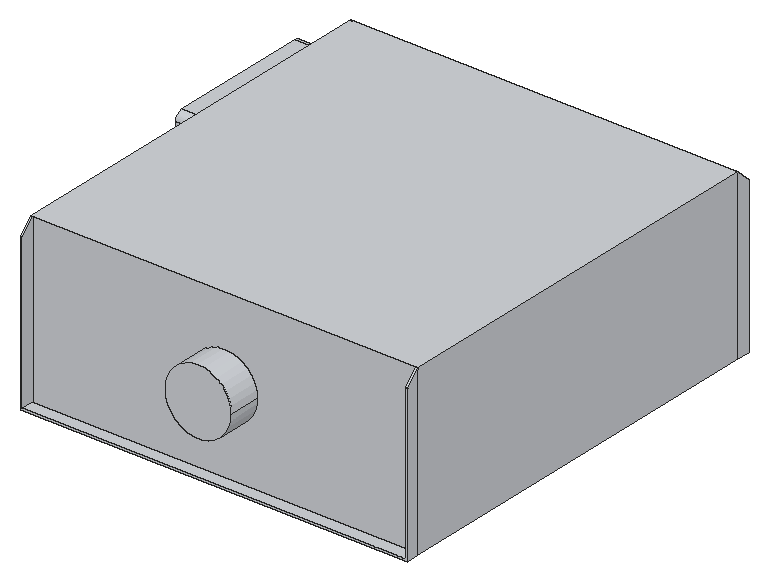
Revit family "CADS_Vent-Axia_MechEquip_Fan_SENT_DBoxTwin - EXTRACT", category Mechanical Equipment, host Face, Revit 2020
Family settings
  Host = Face
  Round Connector Dimension = Use Diameter
  Classification = None
  Part Type = Normal
  OmniClass Number = 23.75.35.17.11
  OmniClass Title = Fans for Air Ductwork
  Cut with Voids When Loaded = No
  Shared = No
  Room Calculation Point = No
Parameters (values of type "SENT100T")
  WorkingPressure = 0.0 Pa
  WarrantyStartDate [instance] = "1900-12-31T23:59:59"
  WarrantyPeriod = ""
  WarrantyIdentifier = "N/A"
  WarrantyGuarantorParts = "tech@vent-axia.com"
  WarrantyGuarantorLabor = "tech@vent-axia.com"
  WarrantyGuarantor = "Vent-Axia Limited"
  WarrantyEndDate [instance] = "1900-12-31T23:59:59"
  WarrantyContent = ""
  W = 0 mm
  Type Image = <None>
  TemperatureRange = ""
  TagNumber [instance] = "N/A"
  SustainabilityPerformance = ""
  Status = "New"
  SpigotCLHeight = 62 mm
  Size = ""
  Shape = ""
  ServiceLifeType = ""
  ServiceLifeDuration = ""
  SerialNumber [instance] = "N/A"
  ReplacementCost = ""
  RatedVoltage = 0 V
  RatedCurrent = 0 A
  Quantity = 1
  ProductionYear = ""
  PressureCurve = ""
  PowerFactor = ""
  PointOfContact = ""
  OutOffset = 0 mm  # constant formula
  NumberOfPoles = 0
  NominalWidth = 591 mm
  NominalLength = 610 mm
  NominalHeight = 256 mm
  NominalFrequencyRange = ""
  NominalDiameter = 100 mm
  ModelReference = "SENTINEL 100T HEIRARCHY"
  ModelNumber = "SENT100T"
  Material = ""
  ManufacturerE-Mail = "tech@vent-axia.com"
  ManufacturerAddress = "Fleming Way\nCrawley \nRH10 9YX"
  L = NominalLength  # 610 mm
  IsExtendedWarranty = no
  InsulationStandardClass = ""
  InstallationDate [instance] = "1900-12-31T23:59:59"
  IfcExportType [instance] = ""
  IfcExportAs [instance] = "IfcFanType"
  IP_Code = ""
  HasProtectiveEarth = no
  H = 0 mm
  GrossWeight = 0.00 kg
  Grade = ""
  GlobalTradeItemNumber [instance] = "N/A"
  Fitting Type = "Ignore"
  Finish = ""
  Features = ""
  ExteriorInsulation = no
  ExpectedServiceLife = 0
  Exclusions = ""
  EBVoffset = 80.486 mm
  EBHoffset = 205.5 mm
  DurationUnit = "Year"
  Default Elevation = 1219.2 mm
  Constituents = ""
  ConductorFunction = ""
  Color = ""
  CodePerformance = ""
  Category = ""
  CADS_Usage = 0
  CADS_Index = 0
  AssetType = "FIXED"
  AssetIdentifier [instance] = "N/A"
  AssemblyPlace = "UNKNOWN"
  ArticleNumber [instance] = "N/A"
  AirflowRateRange = 0.0 L/s
  Air Flow [instance] = 0.0 L/s
  AccessibilityPerformance = ""
Types (13, lengths in mm): name | NominalWidth | NominalLength | NominalHeight | NominalDiameter | ModelReference | ModelNumber | L
  SENT100T | 591 | 610 | 256 | 100 | "SENTINEL 100T HEIRARCHY" | "SENT100T" | 610
  SENT125T | 591 | 610 | 256 | 125 | "SENTINEL 125T HEIRARCHY" | "SENT125T" | 610
  SENT125T/CP | 591 | 610 | 256 | 125 | "SENTINEL 125 TWIN CP" | "SENT125T/CP" | 610
  SENT150T | 591 | 610 | 256 | 150 | "SENTINEL 150 TWIN" | "SENT150T" | 610
  SENT200T | 703 | 801 | 343 | 200 | "SENTINEL 200T HIERARCHY" | "SENT200T" | 801
  SENT250S/CP | 798 | 925 | 354 | 250 | "SENTINEL 250 CONST.PRESS" | "SENT250S/CP" | 925
  SENT250T | 798 | 925 | 354 | 250 | "SENTINEL 250T HIERARCHY" | "SENT250T" | 925
  SENT250T/CP | 798 | 925 | 354 | 315 | "SENTINEL 250 TWIN CP" | "SENT250T/CP" | 925
  SENT315T | 1145 | 1255 | 536 | 315 | "SENTINEL 315T HIERARCHY" | "SENT315T" | 1255
  SENT315T/CP | 1145 | 1255 | 536 | 315 | "SENTINEL 315 TWIN CP" | "SENT315T/CP" | 1255
  SENT400T | 1145 | 1255 | 536 | 400 | "SENTINEL 400T HIERARCHY" | "SENT400T" | 1255
  SENT400T/CP | 1145 | 1255 | 536 | 400 | "SENTINEL 400 TWIN CP" | "SENT400T/CP" | 1255
  SENT500T | 1533 | 1492 | 675 | 500 | "SENTINEL 500T HIERARCHY" | "SENT500T" | 1492
Reference planes
  plane 1 "Center (Front/Back)": y = 0
  plane 2: z = 0
  plane 3 "Center (Left/Right)": x = 0
  plane 4 "Left Face": x = -295.5
  plane 5 "out face": y = -305
  plane 6 "right face": x = 295.5
  plane 7 "in face": y = 305
  plane 8: x = 0
  plane 9: z = 128
  plane 10 "top face": z = 256
  plane 11: y = -325
  plane 12: y = 325
  plane 13: x = 315.5
  plane 14: z = 190
Forms (mm)
  Extrusion 1, solid
    sketch origin (0, 0, 0) x (1, 0, 0) y (0, 1, 0)
      loop
        line (-295.5, 305) -> (-295.5, -305) -> (295.5, -305) -> (295.5, 305) -> (-295.5, 305)
    from 0 to 256 <- "NominalHeight"
  Extrusion 2, solid
    sketch origin (0, -305, 0) x (1, 0, 0) y (0, 0, 1)
      loop
        circle (0, 128) r 50
    from 0 to 50
  Extrusion 3, solid
    sketch origin (0, 305, 0) x (1, 0, 0) y (0, 0, -1)
      loop
        circle (0, -128) r 50
    from 0 to 51.496
  Sweep 4, solid
    path origin (0, -305, 0) x (1, 0, 0) y (0, 0, 1)
      loop
        line (-295.5, 256) -> (-295.5, 0) -> (295.5, 0) -> (295.5, 256)
    profile origin (-295.5, -305, 128) x (0, -1, 0) y (1, 0, 0)
      loop
        line (0, 0) -> (20, 0) -> (20, 3) -> (0, 3) -> (0, 0)
  Sweep 5, solid
    path origin (0, 305, 0) x (1, 0, 0) y (0, 0, 1)
      loop
        line (295.5, 256) -> (295.5, 0) -> (-295.5, 0) -> (-295.5, 256)
    profile origin (295.5, 305, 128) x (0, 1, 0) y (-1, 0, 0)
      loop
        line (20, 3) -> (0, 3) -> (0, 0) -> (20, 0) -> (20, 3)
  Sweep 6, void
    path origin (0, 0, 256) x (1, 0, 0) y (0, 1, 0)
      loop
        line (-295.5, -325) -> (315.5, -325) -> (315.5, 325) -> (-295.5, 325)
    profile origin (10, -325, 256) x (0, 1, 0) y (0, 0, 1)
      loop
        line (20, 0) -> (0, 0) -> (0, -20) -> (20, 0)
Cuts and joins
  Sweep 6 cuts Sweep 4
  Sweep 6 cuts Sweep 5
  joined: Sweep 4, Sweep 5
  Sweep 6 cuts Extrusion 1
Lines and regions (mm)
  model lines
    curve 1: line (0, 0, 256) -> (0, 100, 256)
    curve 2: line (0, 0, 256) -> (-10.353, 38.637, 256)
    curve 3: line (0, 0, 256) -> (10.353, 38.637, 256)
Dimensions and locks
  "NominalWidth": plane 4 "Left Face" to plane 6 "right face"
  equal spacing: plane 4 "Left Face", plane 3 "Center (Left/Right)", plane 6 "right face"
  "L": plane 5 "out face" to plane 7 "in face"
  equal spacing: plane 5 "out face", plane 1 "Center (Front/Back)", plane 7 "in face"
  "OutOffset": plane 8 to plane 3 "Center (Left/Right)"
  plane 8 to Extrusion 2 sketch curve = 0 mm
  Extrusion 2 sketch curve to plane 9 = 0 mm
  "EBHoffset": nested 1 to plane 1 "Center (Front/Back)"
  "EBVoffset": nested 1 to level
  "NominalHeight": level to plane 10 "top face"
  plane 5 "out face" to plane 11 = 20 mm
  plane 7 "in face" to plane 12 = 20 mm
  plane 6 "right face" to plane 13 = 20 mm
  equal spacing: plane 10 "top face", plane 9, plane 2
  "SpigotCLHeight": plane 9 to plane 14
  locked: plane 9 to Extrusion 3 sketch curve
  "NominalDiameter": diameter of Extrusion 2 sketch curve
  "NominalDiameter": diameter of Extrusion 3 sketch curve
  aligned and locked: plane 2 to host face
  aligned and locked: level to host face
  aligned and locked: Sweep 4 sketch curve to plane 6 "right face"
  aligned and locked: Sweep 4 sketch curve to plane 4 "Left Face"
  aligned and locked: Sweep 6 sketch curve to plane 12
  aligned and locked: plane 13 to Sweep 6 sketch curve
  aligned and locked: profile plane to Sweep 4 sketch curve
  aligned and locked: plane 11 to Sweep 4 sketch curve
  aligned and locked: plane 7 "in face" to nested 3
  aligned and locked: nested 3 to plane 9
Automatic sketch dimensions
  host sketch curve to host sketch curve = 2438.4 mm  (x2)
  Extrusion 1 sketch curve to plane 4 "Left Face" = 0 mm
  Extrusion 1 sketch curve to plane 5 "out face" = 0 mm
  Extrusion 1 sketch curve to plane 6 "right face" = 0 mm
  plane 7 "in face" to Extrusion 1 sketch curve = 0 mm
  profile plane to Sweep 4 sketch curve = 0 mm
  Sweep 4 sketch curve to profile plane = 3 mm
  Sweep 5 sketch curve to profile plane = 3 mm
  plane 7 "in face" to Sweep 5 sketch curve = 20 mm
  profile plane to Sweep 5 sketch curve = 0 mm
  Sweep 5 sketch curve to Sweep 5 sketch curve = 20 mm
  Sweep 6 sketch curve to plane 4 "Left Face" = 0 mm  (x2)
  Sweep 6 sketch curve to plane 11 = 0 mm
  Sweep 6 sketch curve to plane 10 "top face" = 0 mm
  Sweep 6 sketch curve to profile plane = 0 mm
  Sweep 6 sketch curve to Sweep 6 sketch curve = 20 mm  (x2)
  Sweep 4 sketch curve to level = 0 mm
  Sweep 4 sketch curve to plane 10 "top face" = 0 mm  (x2)
  Sweep 5 sketch curve to level = 0 mm
  Sweep 5 sketch curve to plane 4 "Left Face" = 0 mm
  plane 6 "right face" to Sweep 5 sketch curve = 0 mm
  Sweep 5 sketch curve to plane 10 "top face" = 0 mm  (x2)
  plane 1 "Center (Front/Back)" to curve 2 = 0 mm
  curve 2 to plane 3 "Center (Left/Right)" = 0 mm
  curve 2 to plane 3 "Center (Left/Right)" = 10.353 mm
  plane 3 "Center (Left/Right)" to curve 3 = 10.353 mm
  curve 2 to plane 1 "Center (Front/Back)" = 38.637 mm
  curve 2 to curve 3 = 0 mm
  curve 2 to curve 1 = 61.363 mm
  Extrusion 3 sketch curve to plane 3 "Center (Left/Right)" = 0 mm
Nested families
  nested 1: "Electrical Connection Box" at (-295.5, 205.5, 80.486) x (0, -1, 0) z (-1, 0, 0), type "Electrical Connection Box"
  nested 2: "Electrical Connection Box" at (-295.5, -245, 123) x (0, -1, 0) z (-1, 0, 0), type "Electrical Connection Box"
  nested 3: "Electrical Connection Box" at (-295.5, 185, 128) x (0, -1, 0) z (-1, 0, 0), type "SENT"
    with w 240 mm, h 75 mm, d 160 mm
Connectors
  hvac at (0, -355, 128), driven by "NominalDiameter", driven by "Air Flow"
    settings: on Extrusion 2, index 1, duct flow 0.0 L/s, flow factor 0, pres drop 0.0 Pa, loss coef 0, conn angle 0.00°, conn width 304.8 mm, conn height 304.8 mm, conn diameter 100 mm, duct sys type 3, conn prof type 0, flow config 1, flow direction 2, loss method 0, conn ref index -1, conn util no, is conn primary yes, conn desc ""
  hvac at (0, 356.496, 128), driven by "NominalDiameter", driven by "Air Flow"
    settings: on Extrusion 3, index 2, duct flow 0.0 L/s, flow factor 0, pres drop 0.0 Pa, loss coef 0, conn angle 0.00°, conn width 304.8 mm, conn height 304.8 mm, conn diameter 100 mm, duct sys type 2, conn prof type 0, flow config 0, flow direction 1, loss method 0, conn ref index -1, conn util no, is conn primary no, conn desc ""
Definition of nested family "Electrical Connection Box"
  Parameters (values of type "165x135")
    w = 165 mm
    vis grommets = no
    h = 50 mm
    d = 135 mm
    Default Elevation = 1219.2 mm
  Types (4, lengths in mm): name | w | vis grommets | h | d
    125x84 | 125 | yes | 0 | 84
    165x135 | 165 | no | 50 | 135
    Electrical Connection Box 2 | 165 | no | 0 | 135
    Electrical Connection Box | 125 | no | 0 | 84
  Reference planes
    plane 1 "Center (Front/Back)": y = 0
    plane 2: z = 0
    plane 3 "Center (Left/Right)": x = 0
    plane 4: y = 67.5
    plane 5: x = 82.5
    plane 6: x = -82.5
    plane 7: y = -67.5
  Forms (mm)
    Extrusion 1, solid
      sketch origin (0, 0, 0) x (1, 0, 0) y (0, 1, 0)
        loop
          line (-1219.2, 1219.2) -> (-1219.2, -1219.2) -> (1219.2, -1219.2) -> (1219.2, 1219.2) -> (-1219.2, 1219.2)
      from 0 to -304.8
    Extrusion 2, solid
      sketch origin (-62.5, -42, 0) x (1, 0, 0) y (0, 1, 0)
        loop
          arc (-8, 109.5) -> (-16.485, 105.985) -> (-20, 97.5) r 12
          line (-20, 97.5) -> (-20, -13.5)
          arc (-20, -13.5) -> (-16.485, -21.985) -> (-8, -25.5) r 12
          line (-8, -25.5) -> (133, -25.5)
          arc (133, -25.5) -> (141.485, -21.985) -> (145, -13.5) r 12
          line (145, -13.5) -> (145, 97.5)
          arc (145, 97.5) -> (141.485, 105.985) -> (133, 109.5) r 12
          line (133, 109.5) -> (-8, 109.5)
      from 0 to 50 <- "h"
    Extrusion 3, solid, visible <- "vis grommets"
      sketch origin (82.5, 68.728, -0.59) x (0, -1, 0) y (0, 0, -1)
        loop
          circle (26.228, -28.09) r 11
      from 0 to 3
    Extrusion 4, solid, visible <- "vis grommets"
      sketch origin (224.495, -67.5, 22.909) x (-1, 0, 0) y (0, 0, -1)
        loop
          circle (176.995, -4.591) r 11
      from 0 to 3
    Extrusion 5, solid, visible <- "vis grommets"
      sketch origin (164.495, -67.5, 22.909) x (-1, 0, 0) y (0, 0, -1)
        loop
          circle (216.995, -4.591) r 11
      from 0 to 3
  Dimensions and locks
    "w": plane 6 to plane 5
    equal spacing: plane 6, plane 3 "Center (Left/Right)", plane 5
    "d": plane 4 to plane 7
    equal spacing: plane 4, plane 1 "Center (Front/Back)", plane 7
    aligned and locked: plane 2 to Extrusion 1
    aligned and locked: level to Extrusion 1
  Automatic sketch dimensions
    Extrusion 1 sketch curve to Extrusion 1 sketch curve = 2438.4 mm  (x2)
    Extrusion 2 sketch curve to plane 6 = 0 mm
    plane 7 to Extrusion 2 sketch curve = 0 mm
    Extrusion 2 sketch curve to plane 4 = 0 mm
    Extrusion 2 sketch curve to plane 5 = 0 mm
    Extrusion 2 sketch curve to plane 6 = 12 mm
    Extrusion 2 sketch curve to plane 4 = 12 mm  (x2)
    Extrusion 2 sketch curve to plane 5 = 12 mm
    Extrusion 3 sketch curve to Extrusion 2 = 13 mm
    Extrusion 2 to Extrusion 3 sketch curve = 22.5 mm
    Extrusion 4 sketch curve to Extrusion 2 = 23 mm
    Extrusion 2 to Extrusion 4 sketch curve = 22.5 mm
    Extrusion 2 to Extrusion 5 sketch curve = 18 mm
    Extrusion 2 to Extrusion 5 sketch curve = 22.5 mm
    radius of Extrusion 3 sketch curve = 11 mm
    radius of Extrusion 4 sketch curve = 11 mm
    radius of Extrusion 5 sketch curve = 11 mm
